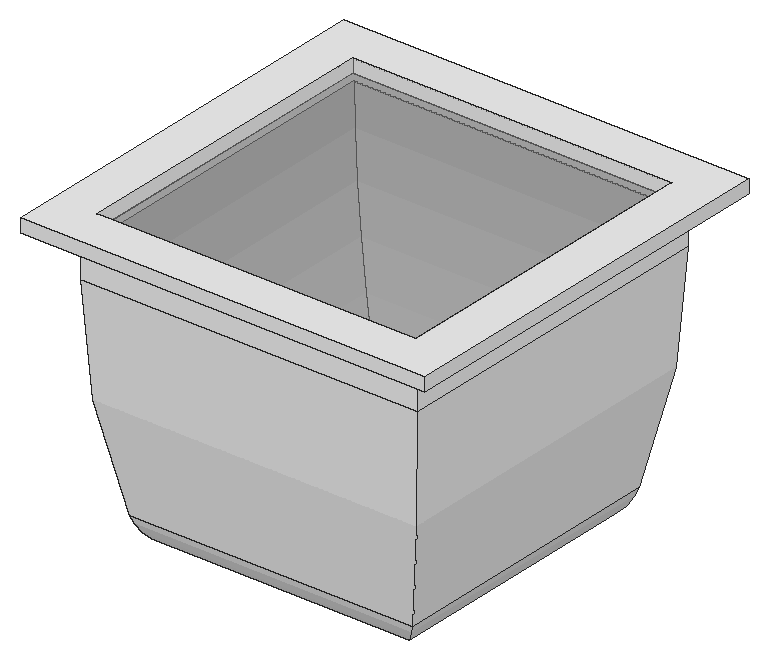
Revit family "3097179 Lighting Fixture_Sylvania_Insaver LED 75 Square White Bezel_Ceiling Recessed", category Lighting Fixtures, host Face, Revit 2017
Family settings
  Host = Face
  Round Connector Dimension = Use Diameter
  Part Type = Normal
  OmniClass Number = 23.80.70.11.17
  OmniClass Title = Specialized Lighting by Location or Use
  Cut with Voids When Loaded = No
  Light Source = Yes
  Shared = No
  Room Calculation Point = No
Parameters (values of type "Insaver 75 LED SQ WW DB WH")
  Width = Length  # 90.0 mm
  Weight = 0.40 kg
  Wattage = 16 W
  built-in parameter 1150110 = 1 (stored number, unit not read)
  Voltage Comments = "UNV (Universal Voltage; 220-240 Volt)"  # constant formula
  Voltage = 240 V  # constant formula
  URL = "http://www.sylvania-lighting.com"
  built-in parameter 1114217 = 1 (stored number, unit not read)
  Tilt Angle = -90.00°  # constant formula
  built-in parameter 1150109 = 1 (stored number, unit not read)
  built-in parameter 1150134 = 12
  built-in parameter 1150113 = 1 (stored number, unit not read)
  Reflector Material = Metal_Sylvania_Insaver 75 LED_Silver
  Product Page URL = "http://www.sylvania-lighting.com/product/en-int/products/3097179"
  Product Family = "Insaver 75 LED Square White Bezel"  # constant formula
  Photometry Comments = ""
  Photometric Web File = "3097104_Insaver75LEDSQWWDBWH-185552.ies"
  built-in parameter 1150105 = 71.149 (stored number, unit not read)
  Lumens = 894.08 lm
  built-in parameter 1150115 = 1 (stored number, unit not read)
  built-in parameter 1150137 = (empty or 0)
  built-in parameter 1150139 = (empty or 0)
  Life = "50 000h"  # constant formula
  Length = 90.0 mm
  built-in parameter 1150112 = 1 (stored number, unit not read)
  built-in parameter 1150114 = 1 (stored number, unit not read)
  built-in parameter 1150132 = 2
  built-in parameter 1150102 = (empty or 0)
  built-in parameter 1150107 = 4000 (stored number, unit not read)
  built-in parameter 1150138 = (empty or 0)
  built-in parameter 1150106 = 0.71149 (stored number, unit not read)
  IK Rating = "IK02"  # constant formula
  Emit from Rectangle Width = Cutout Width - 8.0 mm  # 67.0 mm
  Emit from Rectangle Length = Cutout Length - 8.0 mm  # 67.0 mm
  Emit Shape Visible in Rendering = no
  built-in parameter 1150104 = 5.1914 (stored number, unit not read)
  Drive Current = "350mA"  # constant formula
  Dimming Lamp Color Temperature Shift = <None>
  Cutout Width = Cutout Length  # 75.0 mm
  Cutout Length = Length - 15.0 mm  # 75.0 mm
  Color Filter = 16777215
  CRI ( Ra ) = 80
  Body Material = Aluminum_Sylvania_Insaver 75 LED_White
  Beam Angle = "Wide"  # constant formula
  built-in parameter 1114218 = 1 (stored number, unit not read)
  built-in parameter 1150133 = 10 (stored number, unit not read)
  IP Rating = "IP65"  # constant formula
  Height = 65.0 mm
  Electrical Protection = "CLASS II"  # constant formula
  built-in parameter 1114216 [instance] = 1 (stored number, unit not read)
  Model = "3097104 Insaver 75 LED SQ WW DB WH"
  Manufacturer = "Feilo Sylvania"
  Lamp = "Integrated LED"
  Diffuser Material = Polycarbonate_Sylvania_Insaver 75 LED_Clear
  Description = "16W to 38W LED white downlight. Harnesing the power of Mid Power LEDs. Ideal for applications such as reception areas, offices, general public circulation areas, corridors or and any location that requires long service hours and high switching cycles. Choice of 3,000K warm white or 4,000K neutral white colour temperature. IP44 with accessory. IP65 as standard on Insaver 75. High lumen output - up to 2,922lm. Cost effective product - will help you comply with Building regulations - up to 73lm/W. Available in Low profile as well as well as Low glare versions. Available in DALI versions. Available in Emergency versions. Quick and easy to install. LED technology provides energy efficient solution and reduced maintenance costs and long lifetime. To discover for yourself how much your business can save on its energy bills, simply visit our online Savings Calculator at: www.havells-sylvania.com"  # constant formula
  Default Elevation = 0.0 mm
  built-in parameter 1140040 [instance] = 1
  Assembly Code = "D5020200"
  Apparent Load Comments = ""
  Apparent Load = 16 VA
Types (3, lengths in mm): name | Wattage | built-in parameter 1150134 | Photometric Web File | built-in parameter 1150105 | Lumens | built-in parameter 1150107 | built-in parameter 1150106 | Model
  Insaver 75 LED SQ WW DB WH | 16 W | 12 | "3097104_Insaver75LEDSQWWDBWH-185552.ies" | 71.149 (stored number, unit not read) | 894.08 lm | 4000 (stored number, unit not read) | 0.71149 (stored number, unit not read) | "3097104 Insaver 75 LED SQ WW DB WH"
  Insaver 75 LED SQ HO 16W WW EB WH | 19.1124 W | (empty or 0) | "3097178_Insaver75LEDSQHO16WWWEBWH-98607.ies" | 763.09 (stored number, unit not read) | 1068 lm | 3000 (stored number, unit not read) | 7.6309 (stored number, unit not read) | "3097178 Insaver 75 LED SQ HO 16W WW EB WH"
  Insaver 75 LED SQ HO 16W NW EB WH | 20.5082 W | 12 | "3097179_Insaver75LEDSQHO16WNWEBWH-98631.ies" | 818.83 (stored number, unit not read) | 1146 lm | 4000 (stored number, unit not read) | 8.1883 (stored number, unit not read) | "3097179 Insaver 75 LED SQ HO 16W NW EB WH"
Reference planes
  plane 1 "Center (Front/Back)": y = 0
  plane 2: z = 0
  plane 3 "Center (Left/Right)": x = 0
  plane 4 "Fixture Left": x = -45
  plane 5 "Fixture Front": y = -45
  plane 6 "Fixture Back": y = 45
  plane 7 "Fixture Right": x = 45
  plane 8: x = -37.5
  plane 9: x = 37.5
  plane 10: y = 37.5
  plane 11: y = -37.5
  plane 12 "Fixture Bottom": z = 3
  plane 13: y = 35.5
  plane 14: y = -35.5
  plane 15: x = 35.5
  plane 16: x = -35.5
  plane 17 "Fixture Top": z = -65
  plane 18: z = -40
  plane 19: x = -13.5
  plane 20: x = 13.5
  plane 21: x = -33.5
  plane 22: x = 33.5
  plane 23: y = 33.5
  plane 24: y = -33.5
  plane 25: y = 13.5
  plane 26: y = -13.5
  plane 27: z = -37.61
  plane 28: z = -63
Forms (mm)
  Extrusion 1, solid, material "Aluminum_Sylvania_Insaver 75 LED_White" <- "Body Material", detail levels fine
    sketch origin (0, 0, 58) x (-1, 0, 0) y (0, -1, 0)
      loop
        line (45, -45) -> (45, 45) -> (-45, 45) -> (-45, -45) -> (45, -45)
      loop
        line (35.5, -35.5) -> (35.5, 35.5) -> (-35.5, 35.5) -> (-35.5, -35.5) -> (35.5, -35.5)
    from -58 to -55
  Sweep 2, solid, material "Metal_Sylvania_Insaver 75 LED_Silver" <- "Reflector Material", detail levels fine
    path origin (0, 0, 58) x (-1, 0, 0) y (0, -1, 0)
      loop
        line (-33.5, -33.5) -> (33.5, -33.5) -> (33.5, 33.5) -> (-33.5, 33.5) -> (-33.5, -33.5)
    profile origin (0, 33.5, 58) x (0, -1, 0) y (0, 0, 1)
      loop
        arc (-2, -58) -> (3.863, -80.825) -> (20, -98) r 47.364
        line (20, -98) -> (20, -95.61)
        arc (20, -95.61) -> (5.311, -79.299) -> (0, -58) r 45.364
        line (0, -58) -> (-2, -58)
  Extrusion 3, solid, material "Metal_Sylvania_Insaver 75 LED_Silver" <- "Reflector Material", detail levels fine
    sketch origin (0, 0, 58) x (-1, 0, 0) y (0, -1, 0)
      loop
        line (13.5, -13.5) -> (13.5, 13.5) -> (-13.5, 13.5) -> (-13.5, -13.5) -> (13.5, -13.5)
    from -98 to -95.61
  Extrusion 4, void
    sketch origin (0, 0, 58) x (-1, 0, 0) y (0, -1, 0)
      loop
        line (37.5, -37.5) -> (37.5, 37.5) -> (-37.5, 37.5) -> (-37.5, -37.5) -> (37.5, -37.5)
    from -123 to -58
  Sweep 5, solid, material "Aluminum_Sylvania_Insaver 75 LED_White" <- "Body Material"
    path origin (0, 0, 58) x (-1, 0, 0) y (0, -1, 0)
      loop
        line (37.5, -37.5) -> (37.5, 37.5) -> (-37.5, 37.5) -> (-37.5, -37.5) -> (37.5, -37.5)
    profile origin (0, 37.5, 58) x (0, 1, 0) y (0, 0, 1)
      loop
        line (-2, -58) -> (-2, -68)
        arc (-2, -68) -> (-3.484, -91.677) -> (-7.914, -114.983) r 189.584
        arc (-7.914, -114.983) -> (-10.758, -119.319) -> (-15.664, -121) r 8
        line (-15.664, -121) -> (-24, -121) -> (-24, -123) -> (-15.664, -123)
        arc (-15.664, -123) -> (-9.532, -120.899) -> (-5.976, -115.478) r 10
        arc (-5.976, -115.478) -> (-1.5, -91.926) -> (0, -68) r 191.584
        line (0, -68) -> (0, -58) -> (-2, -58)
  Extrusion 6, solid, material "Aluminum_Sylvania_Insaver 75 LED_White" <- "Body Material"
    sketch origin (0, 0, 58) x (-1, 0, 0) y (0, -1, 0)
      loop
        line (13.5, -13.5) -> (13.5, 13.5) -> (-13.5, 13.5) -> (-13.5, -13.5) -> (13.5, -13.5)
    from -123 to -121
  Extrusion 7, solid, material "Polycarbonate_Sylvania_Insaver 75 LED_Clear" <- "Diffuser Material", detail levels fine
    sketch origin (0, 0, 58) x (-1, 0, 0) y (0, -1, 0)
      loop
        line (35.5, -35.5) -> (35.5, 35.5) -> (-35.5, 35.5) -> (-35.5, -35.5) -> (35.5, -35.5)
    from -58 to -55
  Extrusion 8, solid, material "Aluminum_Sylvania_Insaver 75 LED_White" <- "Body Material", detail levels coarse+medium
    sketch origin (0, 0, 58) x (-1, 0, 0) y (0, -1, 0)
      loop
        line (45, -45) -> (45, 45) -> (-45, 45) -> (-45, -45) -> (45, -45)
    from -58 to -55
Cuts and joins
  joined: Sweep 2, Extrusion 3
  joined: Sweep 5, Extrusion 6
Dimensions and locks
  equal spacing: plane 4 "Fixture Left", plane 3 "Center (Left/Right)", plane 7 "Fixture Right"
  "Length": plane 4 "Fixture Left" to plane 7 "Fixture Right"
  equal spacing: plane 6 "Fixture Back", plane 1 "Center (Front/Back)", plane 5 "Fixture Front"
  "Width": plane 6 "Fixture Back" to plane 5 "Fixture Front"
  equal spacing: plane 8, plane 3 "Center (Left/Right)", plane 9
  "Cutout Length": plane 8 to plane 9
  equal spacing: plane 10, plane 1 "Center (Front/Back)", plane 11
  "Cutout Width": plane 10 to plane 11
  locked: plane 12 "Fixture Bottom" to plane 2 at 3
  locked: plane 8 to plane 16 at 2
  locked: plane 15 to plane 9 at 2
  locked: plane 10 to plane 13 at 2
  locked: plane 11 to plane 14 at 2
  "Height": plane 2 to plane 17 "Fixture Top"
  locked: plane 13 to plane 23 at 2
  locked: plane 14 to plane 24 at 2
  locked: plane 16 to plane 21 at 2
  locked: plane 22 to plane 15 at 2
  locked: plane 21 to plane 19 at 20
  locked: plane 20 to plane 22 at 20
  locked: plane 23 to plane 25 at 20
  locked: plane 24 to plane 26 at 20
  plane 10 to plane 11 = 75.0 mm
  plane 2 to Sweep 5 sketch curve = 10.0 mm
  locked: plane 28 to plane 17 "Fixture Top" at 2
  locked: Sweep 5 sketch curve to plane 28 at 5.522
  locked: Sweep 5 sketch curve to plane 28 at 6.017
  aligned and locked: host face to plane 2
  aligned and locked: host face to level
  aligned and locked: plane 3 "Center (Left/Right)" to imposter light
  aligned and locked: imposter light to plane 1 "Center (Front/Back)"
  aligned and locked: Extrusion 1 sketch curve to plane 6 "Fixture Back"
  aligned and locked: plane 4 "Fixture Left" to Extrusion 1 sketch curve
  aligned and locked: plane 5 "Fixture Front" to Extrusion 1 sketch curve
  aligned and locked: plane 7 "Fixture Right" to Extrusion 1 sketch curve
  aligned and locked: Extrusion 1 to plane 2
  aligned and locked: plane 12 "Fixture Bottom" to Extrusion 1
  aligned and locked: Extrusion 1 sketch curve to plane 13
  aligned and locked: Extrusion 1 sketch curve to plane 16
  aligned and locked: Extrusion 1 sketch curve to plane 14
  aligned and locked: plane 15 to Extrusion 1 sketch curve
  aligned and locked: plane 23 to Sweep 2 sketch curve
  aligned and locked: plane 22 to Sweep 2 sketch curve
  aligned and locked: plane 24 to Sweep 2 sketch curve
  aligned and locked: Sweep 2 sketch curve to plane 21
  aligned and locked: plane 13 to Sweep 2 sketch curve
  aligned and locked: plane 18 to Sweep 2 sketch curve
  aligned and locked: plane 25 to Sweep 2 sketch curve
  aligned and locked: Sweep 2 sketch curve to plane 2
  aligned and locked: plane 27 to Sweep 2
  aligned and locked: Extrusion 3 sketch curve to plane 20
  aligned and locked: plane 19 to Extrusion 3 sketch curve
  aligned and locked: Extrusion 3 sketch curve to plane 25
  aligned and locked: Extrusion 3 sketch curve to plane 26
  aligned and locked: Extrusion 3 to plane 18
  aligned and locked: plane 27 to Extrusion 3
  aligned and locked: plane 8 to Extrusion 4 sketch curve
  aligned and locked: plane 9 to Extrusion 4 sketch curve
  aligned and locked: Extrusion 4 sketch curve to plane 10
  aligned and locked: Extrusion 4 sketch curve to plane 11
  aligned and locked: Extrusion 4 to plane 17 "Fixture Top"
  aligned and locked: level to Extrusion 4
  aligned and locked: Sweep 5 sketch curve to plane 10
  aligned and locked: plane 8 to Sweep 5 sketch curve
  aligned and locked: Sweep 5 sketch curve to plane 11
  aligned and locked: plane 9 to Sweep 5 sketch curve
  aligned and locked: Sweep 5 sketch curve to plane 2
  aligned and locked: plane 10 to Sweep 5 sketch curve
  aligned and locked: plane 13 to Sweep 5 sketch curve
  aligned and locked: Extrusion 6 sketch curve to plane 20
  aligned and locked: plane 19 to Extrusion 6 sketch curve
  aligned and locked: Extrusion 6 sketch curve to plane 25
  aligned and locked: Extrusion 6 sketch curve to plane 26
  aligned and locked: Extrusion 6 to plane 17 "Fixture Top"
  aligned and locked: plane 28 to Extrusion 6
  aligned and locked: Extrusion 7 sketch curve to plane 16
  aligned and locked: Extrusion 7 sketch curve to plane 13
  aligned and locked: plane 15 to Extrusion 7 sketch curve
  aligned and locked: Extrusion 7 sketch curve to plane 14
  aligned and locked: Extrusion 7 to plane 2
  aligned and locked: plane 12 "Fixture Bottom" to Extrusion 7
  aligned and locked: plane 7 "Fixture Right" to Extrusion 8 sketch curve
  aligned and locked: plane 5 "Fixture Front" to Extrusion 8 sketch curve
  aligned and locked: plane 4 "Fixture Left" to Extrusion 8 sketch curve
  aligned and locked: Extrusion 8 sketch curve to plane 6 "Fixture Back"
  aligned and locked: Extrusion 8 to plane 2
  aligned and locked: plane 12 "Fixture Bottom" to Extrusion 8
  aligned and locked: plane 28 to Sweep 5 sketch curve
  aligned and locked: plane 17 "Fixture Top" to Sweep 5 sketch curve
  aligned and locked: imposter light to plane 12 "Fixture Bottom"
Automatic sketch dimensions
  host sketch curve to host sketch curve = 700.0 mm
  host sketch curve to host sketch curve = 620.0 mm
  Sweep 2 sketch curve to Sweep 2 sketch curve = 0.0 mm
  Sweep 2 sketch curve to profile plane = 0.0 mm
  profile plane to Sweep 5 sketch curve = 24.0 mm
  Sweep 5 sketch curve to Sweep 5 sketch curve = 0.0 mm  (x4)
  Sweep 5 sketch curve to Sweep 5 sketch curve = 1.938 mm
Connectors
  electrical at (0, 0, -65), driven by "Voltage", driven by "Apparent Load"
    settings: on Extrusion 6, index 1, voltage 240 V, apparent load 0 VA, apparent load phase1 16 VA, apparent load phase2 0 VA, apparent load phase3 0 VA, power factor 1, load classification "Lighting", number of poles 1, system type 31, power factor state 1, is connector primary yes, connector utility no, sub classification motor no, connector description ""
